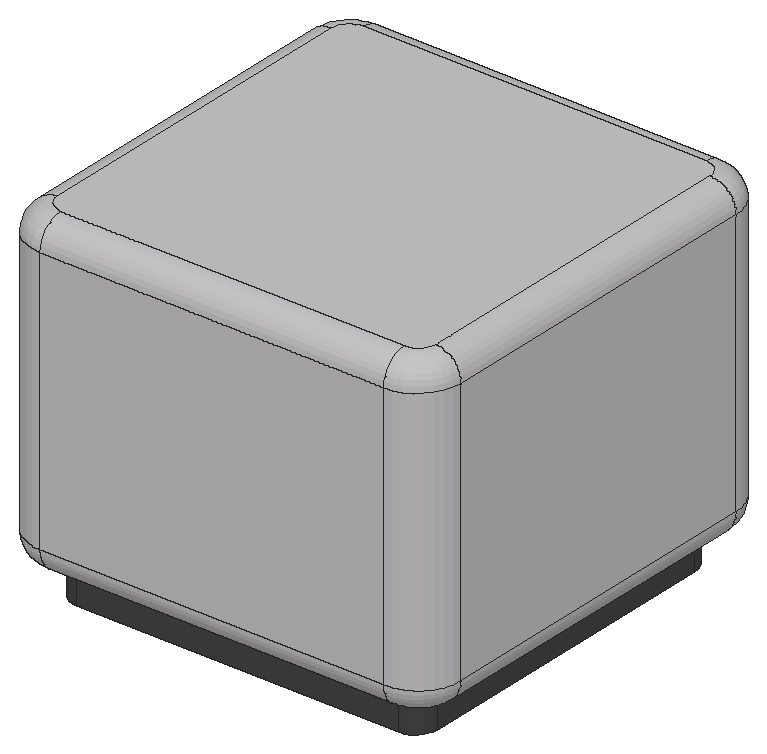
Revit family "FU_Chair_Sandler_ENT0065TA", category Furniture, Revit 2020
Family settings
  OmniClass Number = 23.21.23.15.17
  Work Plane-Based = Yes
  Always vertical = No
  Cut with Voids When Loaded = No
  Shared = No
  Room Calculation Point = No
Parameters (values of type "ENT0065TA")
  Youtube clip = ""
  Width = 500.000 mm  # constant formula
  Uniformat II Description = "Movable Furnishings"
  Uniformat II Code = ""
  Uniclass 2015 Name = ""
  Uniclass 2015 Code = ""
  Uniclass 2.0 Description = ""
  Uniclass 2.0 Code = ""
  Uniclass 1.4 Description = ""
  Uniclass 1.4 Code = ""
  UNSPSC Code = ""
  Technical description = ""
  Seat Material = Leather - Gaja - 60005
  Frame Material = Steel - Frame - Black
  Region South America = "All"
  Region Oceania = "All"
  Region North America = "All"
  Region Middle East = "All"
  Region Europe = "All"
  Region Asia = "All"
  Region Antarctica = "All"
  Region Africa = "All"
  QR code = ""
  Product url = "https://www.sandlerseating.com/product/ent0065ta/"
  Product name = ""
  Product group = "Chair"
  Product family = "Furniture"
  Product data url = "https://www.sandlerseating.com/product/ent0065ta/"
  Product certification = ""
  Product SKU = ""
  Product Guid = ""
  OmniClass Description = ""
  OmniClass Code = "23-21 23 15 17"
  NBS Reference Description = ""
  NBS Reference Code = ""
  Model = "ENT0065TA"
  Masterformat 2014 Description = "Chair Mats"
  Masterformat 2014 Code = "12 48 43.13"
  Manufacturer name = "Sandler"
  Manufacturer country = "UK"
  Manufacturer = "Sandler"
  Installation instructions = ""
  IFC Classification = "Furnishing Element"
  GTIN code = ""
  Edition number = 1
  Design country = "UK"
  Description = "Chair"
  Depth = 500.000 mm  # constant formula
  Default Elevation = 0.000 mm
  Date of publishing = ""
  COBIe Type Category = ""
  Brand url = "https://www.sandlerseating.com/"
  BIMobject main category code = "furniture"
  BIMobject main category = "Furniture"
  BIMobject category code = "furniture-chair"
  BIMobject category = "Chair"
Reference planes
  plane 1 "Center Front/Back": y = 0
  plane 2: z = 0
  plane 3 "Center Left/Right": x = 0
  plane 4: y = 250
  plane 5: y = -250
  plane 6: x = -250
  plane 7: x = 250
  plane 8: z = 410
  plane 9: z = 40
  plane 10: x = -212.5
  plane 11: x = 212.5
  plane 12: y = -212.5
  plane 13: y = 212.5
Forms (mm)
  Extrusion 1, solid, material "Leather - Gaja - 60005" <- "Seat Material"
    sketch origin (0, 0, 0) x (1, 0, 0) y (0, 1, 0)
      loop
        arc (-200, 250) -> (-235.355, 235.355) -> (-250, 200) r 50
        line (-250, 200) -> (-250, -200)
        arc (-250, -200) -> (-235.355, -235.355) -> (-200, -250) r 50
        line (-200, -250) -> (200, -250)
        arc (200, -250) -> (235.355, -235.355) -> (250, -200) r 50
        line (250, -200) -> (250, 200)
        arc (250, 200) -> (235.355, 235.355) -> (200, 250) r 50
        line (200, 250) -> (-200, 250)
    from 40 to 410
  Sweep 2, void
    path in 3D
      loop
        arc (200, -250, 410) -> (235.355, -235.355, 410) -> (250, -200, 410) r 50
        line (250, -200, 410) -> (250, 200, 410)
        arc (250, 200, 410) -> (235.355, 235.355, 410) -> (200, 250, 410) r 50
        line (200, 250, 410) -> (-200, 250, 410)
        arc (-200, 250, 410) -> (-235.355, 235.355, 410) -> (-250, 200, 410) r 50
        line (-250, 200, 410) -> (-250, -200, 410)
        arc (-250, -200, 410) -> (-235.355, -235.355, 410) -> (-200, -250, 410) r 50
        line (-200, -250, 410) -> (200, -250, 410)
    profile origin (0, -250, 410) x (0, 1, 0) y (0, 0, 1)
      loop
        line (0, 0) -> (0, -30)
        arc (0, -30) -> (8.787, -8.787) -> (30, 0) r 30
        line (30, 0) -> (0, 0)
      loop
        line (0, -370) -> (30, -370)
        arc (30, -370) -> (8.787, -361.213) -> (0, -340) r 30
        line (0, -340) -> (0, -370)
  Extrusion 3, solid, material "Steel - Frame - Black" <- "Frame Material"
    sketch origin (0, 0, 0) x (1, 0, 0) y (0, 1, 0)
      loop
        arc (-187.5, 212.5) -> (-205.178, 205.178) -> (-212.5, 187.5) r 25
        line (-212.5, 187.5) -> (-212.5, -187.5)
        arc (-212.5, -187.5) -> (-205.178, -205.178) -> (-187.5, -212.5) r 25
        line (-187.5, -212.5) -> (187.5, -212.5)
        arc (187.5, -212.5) -> (205.178, -205.178) -> (212.5, -187.5) r 25
        line (212.5, -187.5) -> (212.5, 187.5)
        arc (212.5, 187.5) -> (205.178, 205.178) -> (187.5, 212.5) r 25
        line (187.5, 212.5) -> (-187.5, 212.5)
    from 0 to 40
Cuts and joins
  Sweep 2 cuts Extrusion 1
Lines and regions (mm)
  sketch lines
    curve 1: line (-200, -250, 410) -> (200, -250, 410)
    curve 2: arc (250, -200, 410) -> (235.355, -235.355, 410) -> (200, -250, 410) r 50
    curve 3: line (250, -200, 410) -> (250, 200, 410)
    curve 4: arc (200, 250, 410) -> (235.355, 235.355, 410) -> (250, 200, 410) r 50
    curve 5: line (200, 250, 410) -> (-200, 250, 410)
    curve 6: arc (-250, 200, 410) -> (-235.355, 235.355, 410) -> (-200, 250, 410) r 50
    curve 7: line (-250, 200, 410) -> (-250, -200, 410)
    curve 8: arc (-200, -250, 410) -> (-235.355, -235.355, 410) -> (-250, -200, 410) r 50
Dimensions and locks
  equal spacing: plane 4, plane 1 "Center Front/Back", plane 5
  "Depth": plane 4 to plane 5
  equal spacing: plane 6, plane 3 "Center Left/Right", plane 7
  "Width": plane 6 to plane 7
  locked: plane 11 to plane 7 at 37.5
  locked: plane 6 to plane 10 at 37.5
  locked: plane 4 to plane 13 at 37.5
  locked: plane 12 to plane 5 at 37.5
  plane 8 to level = 410.000 mm
  aligned and locked: level to plane 2
  aligned and locked: Extrusion 1 sketch curve to plane 4
  aligned and locked: plane 5 to Extrusion 1 sketch curve
  aligned and locked: Extrusion 1 sketch curve to plane 7
  aligned and locked: Extrusion 3 sketch curve to plane 13
  aligned and locked: Extrusion 3 sketch curve to plane 11
  aligned and locked: plane 9 to Extrusion 3
Automatic sketch dimensions
  Extrusion 1 sketch curve to plane 4 = 50.000 mm
  plane 10 to Extrusion 1 sketch curve = 12.500 mm  (x2)
  Extrusion 1 sketch curve to plane 11 = 12.500 mm  (x2)
  Extrusion 1 sketch curve to plane 6 = 0.000 mm
  Sweep 2 sketch curve to profile plane = 0.000 mm  (x3)
  Sweep 2 sketch curve to profile plane = 30.000 mm
  Sweep 2 sketch curve to Sweep 2 sketch curve = 30.000 mm
  Sweep 2 sketch curve to Sweep 2 sketch curve = 310.000 mm
  Extrusion 3 sketch curve to plane 10 = 0.000 mm
  Extrusion 3 sketch curve to plane 12 = 0.000 mm
  plane 10 to Extrusion 3 sketch curve = 25.000 mm  (x2)
  Extrusion 3 sketch curve to plane 11 = 25.000 mm  (x2)
